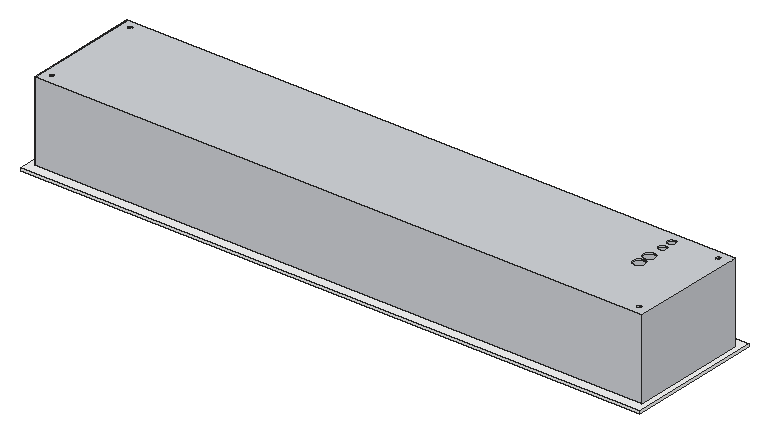
Revit family "C2000R", category Mechanical Equipment, host Ceiling, Revit 2015
Parameters (values of type "C2000ER")
  Weight (kg) = "37"
  Water hole length side = 165 mm
  Unit width = 301 mm
  Unit length = 1579 mm
  URL = "http://www.thermoscreens.com/"
  Supply (50Hz) = "400V~3P&N"
  Product URL = "http://www.thermoscreens.com/our-product-range/c-range"
  Noise output dB (A) @3m med = "54"
  Noise output dB (A) @3m low = "50"
  Noise output dB (A) @3m high = "56"
  Max velocity (m/s) = "9"
  Max air volume (m3/h) = "2380"
  Loading (A) per phase = "27.2"
  Heat output (kW) = "9/18"
  Flange width = 353 mm
  Flange length = 1609 mm
  Drop rod hole 2 = 22 mm
  Drop rod hole 1 = 25 mm
  Distance between water holes = 33 mm
  D = 140 mm
  Created by = "Daniel Smith"
  Center Y1 = Unit width / 2  # 150.5 mm
  Center Y = Flange width / 2  # 176.5 mm
  Center X1 = Unit length / 2  # 789.5 mm
  Center X = Flange length / 2  # 804.5 mm
  Boundary box workspace = 249.739 mm
  Boundary box = no
  Air flow space = no
Types (3, lengths in mm): name | Weight (kg) | Supply (50Hz) | Max velocity (m/s) | Max air volume (m3/h) | Loading (A) per phase | Heat output (kW) | Boundary box workspace
  C2000AR | "35" | "230V~1P&N" | "9" | "2380" | "1.1" | "-" | 249.739
  C2000ER | "37" | "400V~3P&N" | "9" | "2380" | "27.2" | "9/18" | 249.739
  C2000WR 82/71 | "41" | "230V~1P&N" | "8.5" | "2240" | "1.1" | "12" | 500
Reference planes
  plane 1 "Center (Front/Back)": y = 0
  plane 2: z = 0
  plane 3 "Center (Left/Right)": x = 0
  plane 4 "Ceiling": z = 4000
Forms (mm)
  Extrusion 1, solid
    sketch origin (789.5, -150.5, 4000) x (0, 1, 0) y (0, 0, 1)
      loop
        line (1.2, 0) -> (302.2, 0) -> (302.2, 206) -> (1.2, 206) -> (1.2, 0)
    from 0 to -1.2
  Extrusion 2, solid
    sketch origin (789.5, 151.7, 4000) x (0, 0, 1) y (1, 0, 0)
      loop
        line (206, 0) -> (0, 0) -> (0, -1579) -> (206, -1579) -> (206, 0)
    from 0 to -1.2
  Extrusion 3, solid
    sketch origin (789.5, -149.3, 4000) x (0, 0, 1) y (-1, 0, 0)
      loop
        line (0, 0) -> (206, 0) -> (206, 1579) -> (0, 1579) -> (0, 0)
    from 0 to -1.2
  Extrusion 4, solid
    sketch origin (-789.5, -149.3, 4000) x (0, 0, 1) y (0, 1, 0)
      loop
        line (0, 0) -> (206, 0) -> (206, 301) -> (0, 301) -> (0, 0)
    from 0 to -1.2
  Extrusion 5, solid
    sketch origin (-789.5, -149.3, 4206) x (0, 1, 0) y (-1, 0, 0)
      loop
        line (301, 0) -> (0, 0) -> (0, -1579) -> (301, -1579) -> (301, 0)
    from 0 to -1.2
  Extrusion 6, solid, material "Default"
    sketch origin (0, 0, 4000) x (0, 1, 0) y (-1, 0, 0)
      loop
        line (176.5, 804.5) -> (-176.5, 804.5) -> (-176.5, -804.5) -> (176.5, -804.5) -> (176.5, 804.5)
    from 0 to -7
  Extrusion 7, void
    sketch origin (0, 0, 3993) x (0, 1, 0) y (-1, 0, 0)
      loop
        line (-149.3, 789.5) -> (-149.3, -789.5) -> (-134.3, -789.5) -> (-134.3, 789.5) -> (-149.3, 789.5)
      loop
        line (-124.3, 789.5) -> (-124.3, -789.5) -> (-109.3, -789.5) -> (-109.3, 789.5) -> (-124.3, 789.5)
      loop
        line (-99.3, 789.5) -> (-99.3, -789.5) -> (-84.3, -789.5) -> (-84.3, 789.5) -> (-99.3, 789.5)
      loop
        line (151.7, 788.3) -> (151.7, 789.5) -> (146.7, 789.5) -> (146.7, 788.3) -> (146.7, -789.5) -> (151.7, -789.5) -> (151.7, 788.3)
      loop
        line (141.7, 788.3) -> (141.7, 789.5) -> (136.7, 789.5) -> (136.7, -789.5) -> (141.7, -789.5) -> (141.7, 788.3)
      loop
        line (126.7, 789.5) -> (126.7, -789.5) -> (131.7, -789.5) -> (131.7, 789.5) -> (126.7, 789.5)
      loop
        line (121.7, 789.5) -> (116.7, 789.5) -> (116.7, -789.5) -> (121.7, -789.5) -> (121.7, 789.5)
      loop
        line (111.7, 788.3) -> (111.7, 789.5) -> (106.7, 789.5) -> (106.7, 788.3) -> (106.7, -789.5) -> (111.7, -789.5) -> (111.7, 788.3)
      loop
        line (101.7, 788.3) -> (101.7, 789.5) -> (96.7, 789.5) -> (96.7, -789.5) -> (101.7, -789.5) -> (101.7, 788.3)
      loop
        line (86.7, 789.5) -> (86.7, -789.5) -> (91.7, -789.5) -> (91.7, 789.5) -> (86.7, 789.5)
      loop
        line (81.7, 789.5) -> (76.7, 789.5) -> (76.7, -789.5) -> (81.7, -789.5) -> (81.7, 789.5)
      loop
        line (69.936, 788.3) -> (69.936, 789.5) -> (64.936, 789.5) -> (64.936, 788.3) -> (64.936, -789.5) -> (69.936, -789.5) -> (69.936, 788.3)
      loop
        line (59.936, 788.3) -> (59.936, 789.5) -> (54.936, 789.5) -> (54.936, -789.5) -> (59.936, -789.5) -> (59.936, 788.3)
      loop
        line (44.936, 789.5) -> (44.936, -789.5) -> (49.936, -789.5) -> (49.936, 789.5) -> (44.936, 789.5)
      loop
        line (39.936, 789.5) -> (34.936, 789.5) -> (34.936, -789.5) -> (39.936, -789.5) -> (39.936, 789.5)
      loop
        line (29.936, 788.3) -> (29.936, 789.5) -> (24.936, 789.5) -> (24.936, 788.3) -> (24.936, -789.5) -> (29.936, -789.5) -> (29.936, 788.3)
      loop
        line (19.936, 788.3) -> (19.936, 789.5) -> (14.936, 789.5) -> (14.936, -789.5) -> (19.936, -789.5) -> (19.936, 788.3)
      loop
        line (4.936, 789.5) -> (4.936, -789.5) -> (9.936, -789.5) -> (9.936, 789.5) -> (4.936, 789.5)
      loop
        line (-0.064, 789.5) -> (-5.064, 789.5) -> (-5.064, -789.5) -> (-0.064, -789.5) -> (-0.064, 789.5)
      loop
        line (-10.041, 788.3) -> (-10.041, 789.5) -> (-15.041, 789.5) -> (-15.041, 788.3) -> (-15.041, -789.5) -> (-10.041, -789.5) -> (-10.041, 788.3)
      loop
        line (-20.041, 788.3) -> (-20.041, 789.5) -> (-25.041, 789.5) -> (-25.041, -789.5) -> (-20.041, -789.5) -> (-20.041, 788.3)
      loop
        line (-35.041, 789.5) -> (-35.041, -789.5) -> (-30.041, -789.5) -> (-30.041, 789.5) -> (-35.041, 789.5)
      loop
        line (-40.041, 789.5) -> (-45.041, 789.5) -> (-45.041, -789.5) -> (-40.041, -789.5) -> (-40.041, 789.5)
      loop
        line (-55.041, 789.5) -> (-55.041, -789.5) -> (-50.041, -789.5) -> (-50.041, 789.5) -> (-55.041, 789.5)
      loop
        line (-60.041, 789.5) -> (-65.041, 789.5) -> (-65.041, -789.5) -> (-60.041, -789.5) -> (-60.041, 789.5)
    from 0 to 5
  Extrusion 8, void
    sketch origin (789.5, -149.3, 4206) x (0, -1, 0) y (-1, 0, 0)
      loop
        circle (-279, 1554) r 5
      loop
        circle (-25, 1554) r 5
      loop
        circle (-22, 25) r 5
      loop
        circle (-279, 25) r 5
    from 0 to 2
  Extrusion 9, void
    sketch origin (789.5, -149.3, 4206) x (0, -1, 0) y (-1, 0, 0)
      loop
        circle (-198, 140) r 15
      loop
        circle (-165, 140) r 15
    from 0 to 2
  Extrusion 10, void
    sketch origin (789.5, -149.3, 4206) x (0, -1, 0) y (-1, 0, 0)
      loop
        circle (-271, 140) r 10
      loop
        circle (-241, 140) r 10
    from 0 to 1.2
  Extrusion 11, solid, material "AIR FLOW", visible <- "Boundary box", detail levels fine
    sketch origin (789.5, -149.3, 4206) x (-1, 0, 0) y (0, -1, 0)
      loop
        line (1828.739, -550.739) -> (1828.739, 0) -> (1579, 0) -> (1579, -301) -> (0, -301) -> (0, 0) -> (-249.739, 0) -> (-249.739, -550.739) -> (1828.739, -550.739)
    from -206 to 0
  Extrusion 12, solid, material "AIR FLOW", visible <- "Air flow space", detail levels fine
    sketch origin (0, 0, 3993) x (-1, 0, 0) y (0, 1, 0)
      loop
        line (-804.5, 176.5) -> (-804.5, -176.5) -> (804.5, -176.5) -> (804.5, 176.5) -> (-804.5, 176.5)
    from 0 to 2750
Cuts and joins
  Extrusion 7, Extrusion 8, Extrusion 9, Extrusion 10 cuts Extrusion 1
  Extrusion 7, Extrusion 8, Extrusion 9, Extrusion 10 cuts Extrusion 2
  Extrusion 7, Extrusion 8, Extrusion 9, Extrusion 10 cuts Extrusion 3
  Extrusion 7, Extrusion 8, Extrusion 9, Extrusion 10 cuts Extrusion 4
  Extrusion 7, Extrusion 8, Extrusion 9, Extrusion 10 cuts Extrusion 5
  joined: Extrusion 1, Extrusion 2, Extrusion 3, Extrusion 4, Extrusion 5
  Extrusion 7, Extrusion 8, Extrusion 9, Extrusion 10 cuts Extrusion 6
Dimensions and locks
  equal spacing: host sketch curve, plane 3 "Center (Left/Right)", host sketch curve
  equal spacing: host sketch curve, plane 1 "Center (Front/Back)", host sketch curve
  host sketch curve to host sketch curve = 4000 mm  (x2)
  locked: plane 4 "Ceiling" to host ceiling at 0
  "Center X": Extrusion 6 sketch curve to plane 3 "Center (Left/Right)"
  "Flange length": Extrusion 6 sketch curve to Extrusion 6 sketch curve
  "Center Y": plane 1 "Center (Front/Back)" to Extrusion 6 sketch curve
  "Flange width": Extrusion 6 sketch curve to Extrusion 6 sketch curve
  "Drop rod hole 1": cut or joined group 1 (Extrusion 1, Extrusion 2, Extrusion 3, Extrusion 4, Extrusion 5, Extrusion 7, Extrusion 8, Extrusion 9, Extrusion 10) to Extrusion 8 sketch curve  (x3)
  "Drop rod hole 1": Extrusion 8 sketch curve to cut or joined group 1  (x2)
  "Drop rod hole 2": cut or joined group 1 to Extrusion 8 sketch curve  (x3)
  "Distance between water holes": Extrusion 9 sketch curve to Extrusion 9 sketch curve
  "D": cut or joined group 1 to Extrusion 9 sketch curve
  "Water hole length side": cut or joined group 1 to Extrusion 9 sketch curve
  "Boundary box workspace": Extrusion 11 sketch curve to cut or joined group 1
  "Boundary box workspace": cut or joined group 1 to Extrusion 11 sketch curve  (x2)
Automatic sketch dimensions
  Extrusion 1 sketch curve to Extrusion 1 sketch curve = 301 mm
  plane 4 "Ceiling" to Extrusion 1 sketch curve = 0 mm
  plane 1 "Center (Front/Back)" to Extrusion 1 sketch curve = 149.3 mm
  Extrusion 1 sketch curve to Extrusion 1 sketch curve = 206 mm
  Extrusion 2 sketch curve to Extrusion 1 = 0 mm  (x3)
  Extrusion 2 sketch curve to Extrusion 1 = 1577.8 mm
  Extrusion 1 to Extrusion 3 sketch curve = 0 mm
  Extrusion 3 sketch curve to Extrusion 1 = 0 mm  (x2)
  Extrusion 3 sketch curve to Extrusion 1 = 1577.8 mm
  Extrusion 3 to Extrusion 4 sketch curve = 0 mm
  Extrusion 4 sketch curve to Extrusion 3 = 0 mm  (x2)
  Extrusion 4 sketch curve to Extrusion 3 = 299.8 mm
  Extrusion 5 sketch curve to Extrusion 4 = 0 mm  (x2)
  Extrusion 4 to Extrusion 5 sketch curve = 0 mm
  Extrusion 5 sketch curve to Extrusion 4 = 1577.8 mm
  Extrusion 6 to Extrusion 7 sketch curve = 27.2 mm
  Extrusion 7 sketch curve to Extrusion 7 sketch curve = 15 mm  (x3)
  Extrusion 7 sketch curve to Extrusion 7 sketch curve = 10 mm  (x2)
  Extrusion 7 sketch curve to Extrusion 7 sketch curve = 19.259 mm
  Extrusion 7 sketch curve to Extrusion 7 sketch curve = 5 mm  (x41)
  Extrusion 7 sketch curve to Extrusion 7 sketch curve = 4.977 mm
  Extrusion 7 sketch curve to Extrusion 7 sketch curve = 6.764 mm
  Extrusion 6 to Extrusion 7 sketch curve = 15 mm  (x8)
  Extrusion 7 sketch curve to Extrusion 7 sketch curve = 0 mm  (x41)
  Extrusion 6 to Extrusion 7 sketch curve = 16.2 mm  (x5)
  Extrusion 7 sketch curve to Extrusion 7 sketch curve = 1.2 mm  (x11)
  Extrusion 10 sketch curve to Extrusion 3 = 269.8 mm
  Extrusion 10 sketch curve to Extrusion 3 = 140 mm
  Extrusion 10 sketch curve to Extrusion 10 sketch curve = 30 mm
  Extrusion 10 sketch curve to Extrusion 10 sketch curve = 0 mm
  Extrusion 12 sketch curve to Extrusion 6 = 0 mm  (x3)
  Extrusion 6 to Extrusion 12 sketch curve = 0 mm
  Extrusion 9 sketch curve to Extrusion 9 sketch curve = 0 mm
  Extrusion 11 sketch curve to Extrusion 3 = 0 mm  (x4)
  Extrusion 11 sketch curve to Extrusion 3 = 299.8 mm
  radius of Extrusion 10 sketch curve = 10 mm  (x2)
  radius of Extrusion 8 sketch curve = 5 mm  (x4)
  radius of Extrusion 9 sketch curve = 15 mm  (x2)
Connectors
  piping at (764.5, -127.3, 4206), diameter 10
    settings: on cut or joined group 1, index 3, connector inside diameter 609.6 mm, connector length 0 mm, flow factor 0, pipe flow 0.0 L/s, pressure drop 0.0 Pa, fitting loss kfactor 0, connector angle 0.00°, fixture units 0, engagement length 0 mm, angle of deflection 0.00°, flow configuration 0, flow direction 0, fitting loss method 0, system type 28, joint type 0, gender type 0, connector reference index -1, connector utility 0, adjustable connector no, is connector primary yes, connector description ""
  piping at (764.5, 129.7, 4206), diameter 10
    settings: on cut or joined group 1, index 4, connector inside diameter 609.6 mm, connector length 0 mm, flow factor 0, pipe flow 0.0 L/s, pressure drop 0.0 Pa, fitting loss kfactor 0, connector angle 0.00°, fixture units 0, engagement length 0 mm, angle of deflection 0.00°, flow configuration 0, flow direction 0, fitting loss method 0, system type 28, joint type 0, gender type 0, connector reference index -1, connector utility 0, adjustable connector no, is connector primary no, connector description ""
  piping at (-764.5, 129.7, 4204.8), diameter 10
    settings: on cut or joined group 1, index 7, connector inside diameter 609.6 mm, connector length 0 mm, flow factor 0, pipe flow 0.0 L/s, pressure drop 0.0 Pa, fitting loss kfactor 0, connector angle 0.00°, fixture units 0, engagement length 0 mm, angle of deflection 0.00°, flow configuration 0, flow direction 0, fitting loss method 0, system type 28, joint type 0, gender type 0, connector reference index -1, connector utility 0, adjustable connector no, is connector primary no, connector description ""
  piping at (-764.5, -124.3, 4204.8), diameter 10
    settings: on cut or joined group 1, index 8, connector inside diameter 609.6 mm, connector length 0 mm, flow factor 0, pipe flow 0.0 L/s, pressure drop 0.0 Pa, fitting loss kfactor 0, connector angle 0.00°, fixture units 0, engagement length 0 mm, angle of deflection 0.00°, flow configuration 0, flow direction 0, fitting loss method 0, system type 28, joint type 0, gender type 0, connector reference index -1, connector utility 0, adjustable connector no, is connector primary no, connector description ""
  piping at (649.5, 48.7, 4204.8), diameter 30
    settings: on cut or joined group 1, index 9, connector inside diameter 609.6 mm, connector length 0 mm, flow factor 0, pipe flow 0.0 L/s, pressure drop 0.0 Pa, fitting loss kfactor 0, connector angle 0.00°, fixture units 0, engagement length 0 mm, angle of deflection 0.00°, flow configuration 0, flow direction 1, fitting loss method 4, system type 19, joint type 0, gender type 0, connector reference index -1, connector utility 0, adjustable connector no, is connector primary no, connector description ""
  piping at (649.5, 15.7, 4204.8), diameter 30
    settings: on cut or joined group 1, index 10, connector inside diameter 609.6 mm, connector length 0 mm, flow factor 0, pipe flow 0.0 L/s, pressure drop 0.0 Pa, fitting loss kfactor 0, connector angle 0.00°, fixture units 0, engagement length 0 mm, angle of deflection 0.00°, flow configuration 0, flow direction 2, fitting loss method 4, system type 19, joint type 0, gender type 0, connector reference index -1, connector utility 0, adjustable connector no, is connector primary no, connector description ""
